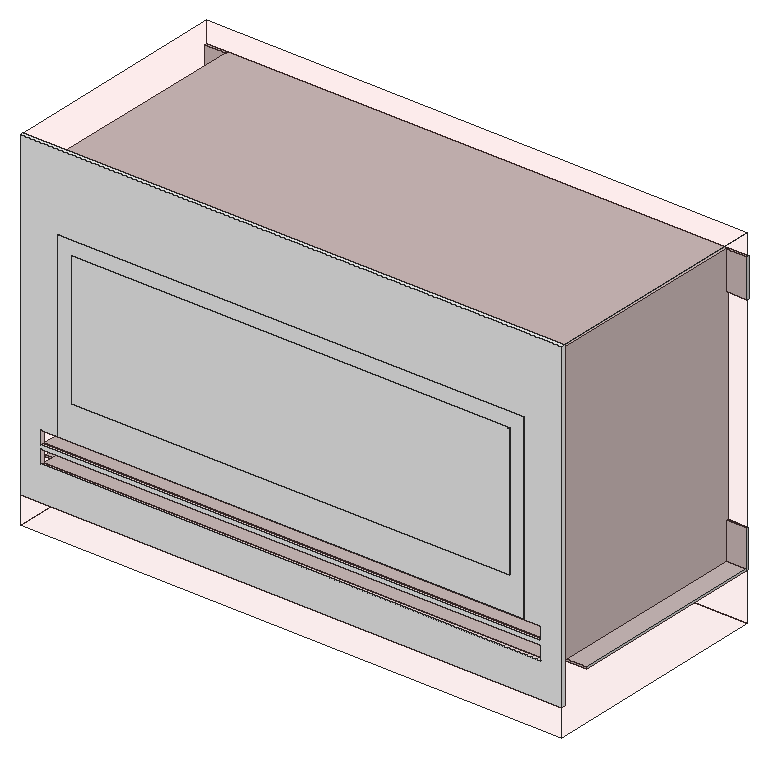
Revit family "Air-Curtain_Customer-Entry_PoweredAire_ECC", category Mechanical Equipment, host Face, Revit 2023
Family settings
  Host = Face
  Round Connector Dimension = Use Diameter
  Part Type = Normal
  OmniClass Number = 23.75.35.17.21
  OmniClass Title = Air Curtains
  Cut with Voids When Loaded = No
  Maintain Annotation Orientation = No
  Shared = No
  Room Calculation Point = No
Parameters
  Warranty Duration (Years) = 0
  Unit Width Notes = "Other Widths available."  # constant formula
  Unit Width = 3' - 3"
  Unit Weight = 0
  Unit Height = 1' - 4 3/4"
  Unit Depth = 1' - 11 1/4"
  URL = "http://www.poweredaire.com/"
  Test Data = ""
  Temperature Rise_Range = "as Specified"
  Standards Conformance = "as Specified"
  Specification = "http://www.arcat.com/sdspecs/htm04/23_34_33pai.htm"
  SpecWizard = ""
  Sound Pressure = "as Specified"
  Sales Information = "http://www.poweredaire.com/contact_us"
  Revision = "R1_2016-08"
  Projection from Host [instance] = 0' - 2"
  Product Properties = ""
  Product Data = "http://www.arcat.com/arcatcos/cos47/arc47623.html"
  Power Rating = 0 W
  Outlet Volume_Range = "as Specified"
  Outlet Velocity_Range = "as Specified"
  Nozzle Width = if(1 = 1, Unit Width - 0' 3", 0' 0")  # 3' - 0"
  Mounting Width = if(1 = 1, Unit Width - 0' 1 1/2", 0' 0")  # 3' - 1 1/2"
  Mounting Height [instance] = 3' - 6"
  Motor RPM = 0
  Motor HP = 0
  Motor Count = 0
  Model = "As Specified"
  Max Height = 0' - 0"
  Manufacturer Website = "http://www.poweredaire.com/"
  Manufacturer Phone - Toll Free = "888-321-2473"
  Manufacturer Phone = "724-588-3305"
  Manufacturer Fax = "724-588-3371"
  Manufacturer Address = "109 Mortensen Rd.  Greenville, PA 16125"
  Manufacturer = "Powered Aire, Inc"
  Maintenance Schedule (Months) = 0
  Keynote = "23 34 33"
  Installation-Fabrication = ""
  Installation Phase = ""
  Include Clearance [instance] = yes
  Heating Element Load = 0 W
  HVAC_Temperature Rise [instance] = 0 °F
  HVAC_Outlet Volume [instance] = 0 CFM
  HVAC_Outlet Velocity Uniformity = 0
  HVAC_Outlet Velocity [instance] = 0 FPM
  Green Building-LEED = "http://www.arcat.com/green/clients/leed_data_47623.html"
  Front Grating Material [instance] = Metal - Steel - PoweredAire - White Perforated
  Frame Finish [instance] = Metal - Steel - PoweredAire - Stainless 304
  Expected Lifespan (Years) = 0
  Electrical_Wattage [instance] = Power Rating + Heating Element Load  # 0 W
  Electrical_Voltage [instance] = 0 V
  Electrical_Phase [instance] = 1
  Electrical_Frequency [instance] = 0 Hz
  Electrical_Amperage [instance] = 0 A
  Drawn By = "Sumex Design, Inc. / Robert S. Weygant, CSI, CDT, SCIP"
  Description = "Powered Aire Air Curtain as Specified"
  Default Elevation = 0' - 0"  # constant formula
  Cover Finish [instance] = Metal - Steel - PoweredAire - White
  Copyright = "©Arcat Inc."
  Construction Details = "http://www.arcat.com/details/powair/prod3336.html"
  Clearance_Top [instance] = 0' - 0"
  Clearance_Side B [instance] = 0' - 0"
  Clearance_Side A [instance] = 0' - 0"
  Clearance_Intake [instance] = 0' - 0"
  Clearance_Front [instance] = 0' - 0"
  Clearance Material [instance] = ARCAT Clearance
  Building Codes = ""
  Available Options [instance] = "as Specified"
  Assembly Code = "D3090400"
Reference planes (in)
  plane 1 "Center (Elevation)": y = 8.51318
  plane 2: z = 0
  plane 3 "Center (Left/Right)": x = 0
  plane 4: y = 16.88818
  plane 5: y = 0.13818
  plane 6: x = -19.5
  plane 7: x = 19.5
  plane 8: z = 25.25
  plane 9 "FF": y = -41.86182
  plane 10: z = 2
  plane 11: x = 18
  plane 12: x = -18
  plane 13: y = 16.88818
  plane 14: y = 0.13818
  plane 15: x = -19.5
  plane 16: x = 19.5
  plane 17: z = 25.25
  plane 18: y = 0.38818
Forms (in)
  Extrusion 1, solid, material "ARCAT Clearance" <- "Clearance Material", visible <- "Include Clearance"
    sketch origin (0, 0, 0) x (0, 1, 0) y (0, 0, 1)
      loop
        line (0.13818, 25.25) -> (0.13818, 0) -> (16.88818, 0) -> (16.88818, 25.25) -> (0.13818, 25.25)
    from -19.5 to 19.5
  Extrusion 2, solid, material "Metal - Steel - PoweredAire - White" <- "Cover Finish"
    sketch origin (0, 8.51318, 0) x (1, 0, 0) y (0, 0, 1)
      loop
        line (-19.5, 25.25) -> (-19.5, 2) -> (19.5, 2) -> (19.5, 25.25) -> (-19.5, 25.25)
    from 8.125 to 8.375
  Extrusion 3, solid, material "Metal - Steel - PoweredAire - Stainless 304" <- "Frame Finish"
    sketch origin (0, 8.51318, 0) x (1, 0, 0) y (0, 0, 1)
      loop
        line (18, 23.75) -> (-18, 23.75) -> (-18, 3.5) -> (18, 3.5) -> (18, 23.75)
    from -8.375 to 8.125
  Extrusion 4, void
    sketch origin (0, 0, 0) x (0, 1, 0) y (0, 0, 1)
      loop
        line (0.13818, 5.5) -> (0.13818, 4.5) -> (1.88818, 4.5) -> (1.88818, 6.75) -> (0.13818, 6.75) -> (0.13818, 5.75) -> (1.63818, 5.75) -> (1.63818, 5.5) -> (0.13818, 5.5)
    from -18 to 18
  Extrusion 5, solid, material "Metal - Steel - PoweredAire - White" <- "Cover Finish"
    sketch origin (-11.83813, 0.13818, 48) x (-1, 0, 0) y (0, 0, 1)
      loop
        line (4.91187, -41.25) -> (4.91187, -28.25) -> (-28.58813, -28.25) -> (-28.58813, -41.25) -> (4.91187, -41.25)
    from 0 to -0.03125
  Extrusion 6, solid, material "Metal - Steel - PoweredAire - White Perforated" <- "Front Grating Material"
    sketch origin (-11.83813, 0.10693, 48) x (1, 0, 0) y (0, 0, 1)
      loop
        line (-3.91187, -29.25) -> (-3.91187, -38.75) -> (27.58813, -38.75) -> (27.58813, -29.25) -> (-3.91187, -29.25)
    from 0 to 0.03125
  Extrusion 7, solid, material "Metal - Steel - PoweredAire - Stainless 304" <- "Frame Finish"
    sketch origin (-15.17702, -180, 2) x (-1, 0, 0) y (0, -1, 0)
      loop
        line (-33.17702, -196.88818) -> (-33.17702, -182.38818) -> (-34.67702, -182.38818) -> (-34.67702, -196.88818) -> (-33.17702, -196.88818)
      loop
        line (2.82298, -196.88818) -> (4.32298, -196.88818) -> (4.32298, -182.38818) -> (2.82298, -182.38818) -> (2.82298, -196.88818)
    from 1.5 to 1.625
  Extrusion 8, solid, material "Metal - Steel - PoweredAire - Stainless 304" <- "Frame Finish"
    sketch origin (-11.83813, 16.88818, 48) x (-1, 0, 0) y (0, 0, 1)
      loop
        line (7.66187, -44.5) -> (7.66187, -41.75) -> (6.16187, -41.75) -> (6.16187, -44.5) -> (7.66187, -44.5)
      loop
        line (-31.33813, -44.5) -> (-29.83813, -44.5) -> (-29.83813, -41.75) -> (-31.33813, -41.75) -> (-31.33813, -44.5)
      loop
        line (7.66187, -27) -> (7.66187, -24.25) -> (6.16187, -24.25) -> (6.16187, -27) -> (7.66187, -27)
      loop
        line (-31.33813, -27) -> (-29.83813, -27) -> (-29.83813, -24.25) -> (-31.33813, -24.25) -> (-31.33813, -27)
    from 0 to -0.125
Cuts and joins
  Extrusion 4 cuts Extrusion 2
  Extrusion 4 cuts Extrusion 3
Dimensions and locks (in)
  equal spacing: plane 4, plane 1 "Center (Elevation)", plane 5
  "Unit Height": plane 4 to plane 5
  equal spacing: plane 6, plane 3 "Center (Left/Right)", plane 7
  "Unit Width": plane 6 to plane 7
  "Mounting Height": plane 5 to plane 9 "FF"
  "Projection from Host": plane 10 to level
  "Unit Depth": plane 8 to plane 10
  locked: plane 6 to plane 12 at 1.5
  locked: plane 11 to plane 7 at 1.5
  "Clearance_Side A": plane 7 to plane 16
  "Clearance_Side B": plane 15 to plane 6
  "Clearance_Top": plane 13 to plane 4
  "Clearance_Intake": plane 5 to plane 14
  "Clearance_Front": plane 17 to plane 8
  locked: plane 8 to Extrusion 3 sketch curve at 1.5
  locked: Extrusion 3 sketch curve to plane 10 at 1.5
  locked: plane 7 to Extrusion 3 sketch curve at 1.5
  locked: Extrusion 3 sketch curve to plane 6 at 1.5
  locked: plane 18 to plane 5 at 0.25
  Extrusion 4 sketch curve to Extrusion 4 sketch curve to Extrusion 4 sketch curve to Extrusion 4 sketch curve to plane 10 = 0' - 1" locked, 0' - 0 1/4" locked, 0' - 1" locked, 0' - 2 1/2" locked
  Extrusion 5 sketch curve to Extrusion 5 sketch curve to plane 10 = 1' - 1" locked, 0' - 4 3/4" locked
  locked: plane 11 to Extrusion 5 sketch curve at 1.25
  locked: Extrusion 5 sketch curve to plane 12 at 1.25
  Extrusion 6 sketch curve to Extrusion 6 sketch curve to plane 10 = 0' - 9 1/2" locked, 0' - 7 1/4" locked
  locked: Extrusion 6 sketch curve to plane 12 at 2.25
  locked: plane 11 to Extrusion 6 sketch curve at 2.25
  locked: plane 4 to Extrusion 7 sketch curve at 14.5  (x2)
  Extrusion 8 sketch curve to Extrusion 8 sketch curve to Extrusion 8 sketch curve to Extrusion 8 sketch curve to plane 10 = 0' - 2 3/4" locked, 1' - 2 3/4" locked, 0' - 2 3/4" locked, 0' - 1 1/2" locked  (x2)
  aligned and locked: plane 2 to host face
  aligned and locked: level to host face
  aligned and locked: Extrusion 1 sketch curve to plane 17
  aligned and locked: plane 14 to Extrusion 1 sketch curve
  aligned and locked: level to Extrusion 1 sketch curve
  aligned and locked: Extrusion 1 sketch curve to plane 13
  aligned and locked: plane 16 to Extrusion 1
  aligned and locked: Extrusion 1 to plane 15
  aligned and locked: Extrusion 2 sketch curve to plane 8
  aligned and locked: plane 6 to Extrusion 2 sketch curve
  aligned and locked: Extrusion 2 sketch curve to plane 10
  aligned and locked: Extrusion 2 sketch curve to plane 7
  aligned and locked: Extrusion 3 to plane 4
  aligned and locked: Extrusion 3 to plane 18
  aligned and locked: Extrusion 2 to plane 18
  aligned and locked: Extrusion 2 to plane 5
  aligned and locked: plane 11 to Extrusion 4
  aligned and locked: Extrusion 4 to plane 12
  aligned and locked: Extrusion 7 sketch curve to plane 4  (x2)
Automatic sketch dimensions
  host sketch curve to host sketch curve = 8' - 0"  (x2)
  Extrusion 4 sketch curve to plane 5 = 0' - 0"  (x2)
  plane 18 to Extrusion 4 sketch curve = 0' - 1 1/4"
  Extrusion 4 sketch curve to Extrusion 4 sketch curve = 0' - 0 1/4"
  Extrusion 7 sketch curve to plane 7 = 0' - 0"
  Extrusion 7 sketch curve to plane 11 = 0' - 0"
  Extrusion 7 sketch curve to plane 12 = 0' - 0"
  Extrusion 7 sketch curve to plane 6 = 0' - 0"
  Extrusion 8 sketch curve to plane 7 = 0' - 0"  (x2)
  Extrusion 8 sketch curve to plane 11 = 0' - 0"  (x2)
  Extrusion 8 sketch curve to plane 12 = 0' - 0"  (x2)
  Extrusion 8 sketch curve to plane 6 = 0' - 0"  (x2)
Connectors (in)
  electrical at (-18, 4.88818, 9.625), driven by "Electrical_Voltage", driven by "Electrical_Phase"
    settings: on cut or joined group of Extrusion 3, Extrusion 4, index 1, voltage 0 V, apparent load 0 VA, apparent load phase1 0 VA, apparent load phase2 0 VA, apparent load phase3 0 VA, power factor 1, load classification "Other", number of poles 1, system type 31, power factor state 1, is connector primary yes, connector utility no, sub classification motor no, connector description ""
